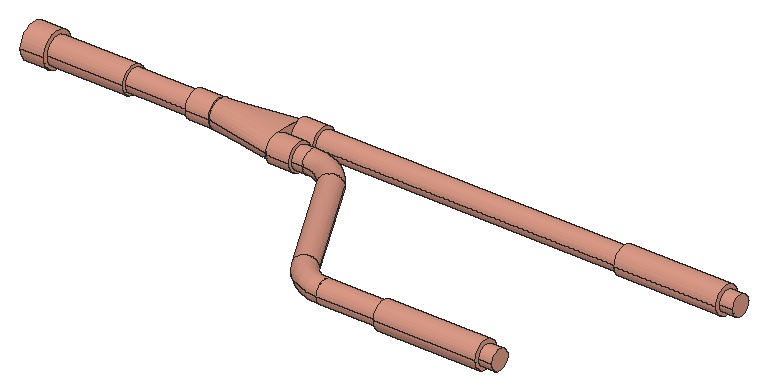
Revit family "outputfile", category 配管付属品, Revit 2024
Family settings
  丸型コネクタ寸法 = 半径を使用
  パーツ タイプ = 標準
  OmniClass 番号 = 23.65.55.00
  OmniClass タイトル = Distribution of Supplied Liquids/Gases
  作業面ベース = いいえ
  常に垂直 = はい
  ロード時にボイドで切り取り = いいえ
  共有 = いいえ
Parameters (values of type "KHRP25A33T")
  Description = ""
  製造元 = "Daikin"
  書き出し IFC クラス(タイプ) = "IfcPipeFittingType"
  定義済み IFC タイプ(タイプ) = "JUNCTION"
  Cost = 0
  Type Comments = ""
  Keynote = ""
  Type Image = (empty or 0)
  Assembly Code = ""
  mm⇔inch [instance] = yes
  l_InletPipe4 = 10.0 mm
  built-in parameter 1114242 [instance] = (empty or 0)
  Default Elevation = 0.0 mm
  モデル = "KHRP25A33T"
  table_StraightPipe [instance] = if(mm⇔inch, "Refnet Joint_KHRP25A-T_Liquid_StraightPipe", "Refnet Joint_KHRP25A-T_Liquid_StraightPipe_inch")  # "Refnet Joint_KHRP25A-T_Liquid_StraightPipe"
  table_BranchPipe [instance] = if(mm⇔inch, "Refnet Joint_KHRP25A-T_Liquid_BranchPipe", "Refnet Joint_KHRP25A-T_Liquid_BranchPipe_inch")  # "Refnet Joint_KHRP25A-T_Liquid_BranchPipe"
  table_Inlet [instance] = if(mm⇔inch, "Refnet Joint_KHRP25A-T_Liquid_Inlet", "Refnet Joint_KHRP25A-T_Liquid_Inlet_inch")  # "Refnet Joint_KHRP25A-T_Liquid_Inlet"
  switch_StraightPipe_Reducer [instance] = if(Is_StraightPipe Reducer = 1, 1 = 1, 1 = 0)  # no
  switch_StraightPipe3 [instance] = if(number_StraightPipe = 3, 1 = 1, 1 = 0)  # no
  switch_StraightPipe2 [instance] = if(number_StraightPipe < 2, 1 = 0, 1 = 1)  # yes
  switch_BranchPipe_Reducer [instance] = if(Is_BranchPipe Reducer = 1, 1 = 1, 1 = 0)  # no
  switch_BranchPipe3 [instance] = if(number_BranchPipe = 3, 1 = 1, 1 = 0)  # no
  switch_BranchPipe2 [instance] = if(number_BranchPipe < 2, 1 = 0, 1 = 1)  # yes
  switch_Inlet pipe_Reducer [instance] = if(Is_Inlet Reducer = 1, 1 = 1, 1 = 0)  # no
  switch_Inlet pipe3 [instance] = if(number_InletPipe = 3, 1 = 1, 1 = 0)  # no
  switch_Inlet pipe2 [instance] = if(number_InletPipe < 2, 1 = 0, 1 = 1)  # yes
  Uniclass2015Version = "Products v1.31"
  Uniclass2015Title = "Copper pipe fittings"
  Uniclass2015Code = "Pr_65_52_63_18"
  URL = ""
  StraightPipe_Liquid_ActualDiameter [instance] = 6.4 mm
  Material_Piping = DAIKIN_Copper_Pipe
  Material_Insulation = DAIKIN_White_Insulation
  lw_Insulation [instance] = size_lookup(table_Inlet, "lw_Insulation", 26.0 mm, モデル)  # 26.0 mm
  Unit Type = "KHRP25A-T_Liquid"
  Tag No. [instance] = ""
  StraightPipe_Liquid_Status [instance] = size_lookup(table_StraightPipe, "Information", "The connected pipe size is not available.", モデル, StraightPipe_Liquid_ActualDiameter)  # "Default connector size is used."
  Link_Nested Family [instance] = ""
  Inlet_Liquid_Actual Diameter [instance] = 12.7 mm
  IfcVersion = ""
  IfcExportType = "JUNCTION"
  IfcExportAs = "IfcPipeFittingType"
  BranchPipe_Liquid_Status [instance] = size_lookup(table_BranchPipe, "Information", "The connected pipe size is not available.", モデル, BranchPipe_Liquid_ActualDiameter)  # "Default connector size is used."
  Inlet_Liquid_Status [instance] = size_lookup(table_Inlet, "Information", "The connected pipe size is not available.", モデル, Inlet_Liquid_Actual Diameter)  # "Default connector size is used."
  Series = "Refnet Joint"
  O.R_dividePipe_Inlet [instance] = (I.D_InletPipe1 + 2.0 mm) / 2  # 5.75 mm
  r_StraightPipe_Connector [instance] = StraightPipe_Liquid_ActualDiameter / 2  # 3.2 mm
  r_BranchPipe_Connector [instance] = BranchPipe_Liquid_ActualDiameter / 2  # 3.2 mm
  r_Inlet_Connector [instance] = Inlet_Liquid_Actual Diameter / 2  # 6.35 mm
  number_StraightPipe [instance] = size_lookup(table_StraightPipe, "pipeNumber", 2, モデル, StraightPipe_Liquid_ActualDiameter)  # 2
  number_BranchPipe [instance] = size_lookup(table_BranchPipe, "pipeNumber", 2, モデル, BranchPipe_Liquid_ActualDiameter)  # 2
  number_InletPipe [instance] = size_lookup(table_Inlet, "pipeNumber", 1, モデル, Inlet_Liquid_Actual Diameter)  # 2
  r_BranchPipeR [instance] = size_lookup(table_BranchPipe, "r_offsetPipeR", 18.0 mm, モデル, BranchPipe_Liquid_ActualDiameter)  # 18.0 mm
  l_BranchPipe_Straight2 [instance] = size_lookup(table_BranchPipe, "L_offsetPipe2", 25.5 mm, モデル)  # 25.5 mm
  l_BranchPipe_Straight1 [instance] = size_lookup(table_BranchPipe, "L_offsetPipe1", 5.0 mm, モデル)  # 5.0 mm
  l_BranchPipe connector [instance] = size_lookup(table_BranchPipe, "Length", 150.0 mm, モデル, BranchPipe_Liquid_ActualDiameter)  # 150.0 mm
  l_inlet connector [instance] = size_lookup(table_Inlet, "Length", 70.0 mm, モデル, Inlet_Liquid_Actual Diameter)  # 80.0 mm
  l_dividePipe [instance] = size_lookup(table_Inlet, "L_devidePipe", 30.0 mm, モデル)  # 30.0 mm
  l_StraightPipeReducer [instance] = size_lookup(table_StraightPipe, "L_Reducer", 80.0 mm, モデル, StraightPipe_Liquid_ActualDiameter)  # 80.0 mm
  l_StraightPipe3 [instance] = size_lookup(table_StraightPipe, "L_Pipe3", 2.0 mm, モデル)  # 2.0 mm
  l_StraightPipe2 [instance] = size_lookup(table_StraightPipe, "L_Pipe2", 6.0 mm, モデル)  # 6.0 mm
  l_StraightPipe1 [instance] = size_lookup(table_StraightPipe, "L_Pipe1", 44.0 mm, モデル)  # 44.0 mm
  l_StraightPipe0 [instance] = size_lookup(table_StraightPipe, "L_Pipe0", 130.0 mm, モデル)  # 130.0 mm
  l_StraightPipe connector [instance] = size_lookup(table_StraightPipe, "Length", 190.0 mm, モデル, StraightPipe_Liquid_ActualDiameter)  # 190.0 mm
  l_BranchPipe Reducer [instance] = size_lookup(table_BranchPipe, "L_Reducer", 50.0 mm, モデル, BranchPipe_Liquid_ActualDiameter)  # 50.0 mm
  l_BranchPipe3 [instance] = size_lookup(table_BranchPipe, "L_Pipe3", 2.0 mm, モデル)  # 2.0 mm
  l_BranchPipe2 [instance] = size_lookup(table_BranchPipe, "L_Pipe2", 6.0 mm, モデル)  # 6.0 mm
  l_BranchPipe1 [instance] = size_lookup(table_BranchPipe, "L_Pipe1", 44.0 mm, モデル)  # 44.0 mm
  l_BranchPipe0 [instance] = size_lookup(table_BranchPipe, "L_Pipe0", 90.0 mm, モデル)  # 90.0 mm
  l_InletReducer [instance] = size_lookup(table_Inlet, "L_Reducer", 80.0 mm, モデル, Inlet_Liquid_Actual Diameter)  # 80.0 mm
  l_InletPipe3 [instance] = size_lookup(table_Inlet, "L_Pipe3", 2.0 mm, モデル)  # 2.0 mm
  l_InletPipe2 [instance] = size_lookup(table_Inlet, "L_Pipe2", 2.0 mm, モデル)  # 10.0 mm
  l_InletPipe1 [instance] = size_lookup(table_Inlet, "L_Pipe1", 7.0 mm, モデル)  # 33.0 mm
  l_InletPipe0 [instance] = size_lookup(table_Inlet, "L_Pipe0", 53.0 mm, モデル)  # 27.0 mm
  center_StraightPipe [instance] = size_lookup(table_StraightPipe, "center_Pipe", 6.5 mm, モデル)  # 6.5 mm
  center_BranchPipe2 [instance] = size_lookup(table_BranchPipe, "center_OffsetPipe", 73.5 mm, モデル)  # 73.5 mm
  center_BranchPipe1 [instance] = size_lookup(table_BranchPipe, "center_Pipe", 6.5 mm, モデル)  # 6.5 mm
  StraightPipe_Liquid_AvailableDiameter [instance] = size_lookup(table_StraightPipe, "sizeVariation", "", モデル)  # "6.4/9.5mm"
  BranchPipe_Liquid_AvailableDiameter [instance] = size_lookup(table_BranchPipe, "sizeVariation", "", モデル)  # "6.4/9.5mm"
  Inlet_Liquid_Available Diameter [instance] = size_lookup(table_Inlet, "sizeVariation", "", モデル)  # "9.5/12.7mm"
  O.D_StraightPipe Reducer [instance] = size_lookup(table_StraightPipe, "O.D_reducer", 2.0 mm, モデル, StraightPipe_Liquid_ActualDiameter)  # 2.0 mm
  O.D_Offset Outlet Reducer [instance] = size_lookup(table_BranchPipe, "O.D_reducer", 2.0 mm, モデル, BranchPipe_Liquid_ActualDiameter)  # 2.0 mm
  O.D_Inlet Reducer [instance] = size_lookup(table_Inlet, "O.D_reducer", 2.0 mm, モデル, Inlet_Liquid_Actual Diameter)  # 2.0 mm
  Is_StraightPipe Reducer [instance] = size_lookup(table_StraightPipe, "IsReducer", 0, モデル, StraightPipe_Liquid_ActualDiameter)  # 0
  Is_BranchPipe Reducer [instance] = size_lookup(table_BranchPipe, "IsReducer", 0, モデル, BranchPipe_Liquid_ActualDiameter)  # 0
  Is_Inlet Reducer [instance] = size_lookup(table_Inlet, "IsReducer", 0, モデル, Inlet_Liquid_Actual Diameter)  # 0
  BranchPipe_Liquid_ActualDiameter [instance] = 6.4 mm
  Attach_Insulation [instance] = no
  I.D_StraightPipe3 [instance] = size_lookup(table_StraightPipe, "I.D_PipeSize3", 2.0 mm, モデル)  # 2.0 mm
  I.D_StraightPipe2 [instance] = size_lookup(table_StraightPipe, "I.D_PipeSize2", 6.4 mm, モデル)  # 6.4 mm
  I.D_StraightPipe1 [instance] = size_lookup(table_StraightPipe, "I.D_PipeSize1", 9.5 mm, モデル)  # 9.5 mm
  I.D_StraightPipe0 [instance] = size_lookup(table_StraightPipe, "I.D_PipeSize0", 7.5 mm, モデル)  # 7.5 mm
  I.D_BranchPipe3 [instance] = size_lookup(table_BranchPipe, "I.D_PipeSize3", 2.0 mm, モデル)  # 2.0 mm
  I.D_BranchPipe2 [instance] = size_lookup(table_BranchPipe, "I.D_PipeSize2", 6.4 mm, モデル)  # 6.4 mm
  I.D_BranchPipe1 [instance] = size_lookup(table_BranchPipe, "I.D_PipeSize1", 9.5 mm, モデル)  # 9.5 mm
  I.D_BranchPipe0 [instance] = size_lookup(table_BranchPipe, "I.D_PipeSize0", 7.5 mm, モデル)  # 7.5 mm
  I.D_Straight Reducer [instance] = size_lookup(table_StraightPipe, "I.D_reducer", 2.0 mm, モデル, StraightPipe_Liquid_ActualDiameter)  # 2.0 mm
  I.D_OutletPipe [instance] = size_lookup(table_Inlet, "I.D_OutletPipeSize", 9.6 mm, モデル, Inlet_Liquid_Actual Diameter)  # 9.6 mm
  I.D_Branch Reducer [instance] = size_lookup(table_BranchPipe, "I.D_reducer", 2.0 mm, モデル, BranchPipe_Liquid_ActualDiameter)  # 2.0 mm
  I.D_Inlet Reducer [instance] = size_lookup(table_Inlet, "I.D_reducer", 2.0 mm, モデル, Inlet_Liquid_Actual Diameter)  # 2.0 mm
  I.D_InletPipe3 [instance] = size_lookup(table_Inlet, "I.D_PipeSize3", 2.0 mm, モデル)  # 2.0 mm
  I.D_InletPipe2 [instance] = size_lookup(table_Inlet, "I.D_PipeSize2", 2.0 mm, モデル)  # 12.7 mm
  I.D_InletPipe1 [instance] = size_lookup(table_Inlet, "I.D_PipeSize1", 9.5 mm, モデル)  # 9.5 mm
  I.D_InletPipe0 [instance] = size_lookup(table_Inlet, "I.D_PipeSize0", 7.5 mm, モデル)  # 7.5 mm
Reference planes
  plane 1 "Center (Front/Back)": y = 0
  plane 2: z = 0
  plane 3 "base_left": x = 0
  plane 4: x = 2
  plane 5: x = 12
  plane 6: x = 45
  plane 7: x = 72
  plane 8: x = 82
  plane 9: x = 112
  plane 10: x = 122
  plane 11 "center_straight outlet": y = 6.5
  plane 12 "center2_offset outlet": y = -73.5
  plane 13 "center1_offset outlet": y = -6.5
  plane 14: x = 252
  plane 15: x = 296
  plane 16: x = 302
  plane 17: x = 212
  plane 18: x = 256
  plane 19: x = 262
  plane 20: x = 304
  plane 21: x = 264
  plane 22 "Reducer_straightoutlet": x = 262
  plane 23: x = 302
  plane 24: y = -12.25
  plane 25: z = 5.75
  plane 26 "Inlet_connector": x = 2
  plane 27 "Left_Insulation": x = 56
Forms (mm)
  SweptBlend 1, solid, material "DAIKIN_Copper_Pipe" <- "Material_Piping"
    path origin (0, 0, 0) x (1, 0, 0) y (0, 1, 0)
      loop
        line (82, 0) -> (112, 0)
    profile origin (82, 0, 0) x (0, 1, 0) y (0, 0, 1)
      loop
        circle (0, 0) r 5.75
    end profile origin (112, 0, 0) x (0, 1, 0) y (0, 0, 1)
      loop
        spline (-12.25, 0) -> (-11.833, -1.488) -> (-10.609, -2.875) -> (-8.662, -4.066) -> (-6.125, -4.98) -> (-3.171, -5.554) -> (0, -5.75) -> (3.171, -5.554) -> (6.125, -4.98) -> (8.662, -4.066) -> (10.609, -2.875) -> (11.833, -1.488) -> (12.25, 0)
        spline (12.25, 0) -> (11.833, 1.488) -> (10.609, 2.875) -> (8.662, 4.066) -> (6.125, 4.98) -> (3.171, 5.554) -> (0, 5.75) -> (-3.171, 5.554) -> (-6.125, 4.98) -> (-8.662, 4.066) -> (-10.609, 2.875) -> (-11.833, 1.488) -> (-12.25, 0)
Dimensions and locks
  "l_InletPipe3": plane 3 "base_left" to plane 4
  "l_InletPipe2": plane 4 to plane 5
  "l_InletPipe1": plane 5 to plane 6
  "l_InletPipe0": plane 6 to plane 7
  "l_InletPipe4": plane 7 to plane 8
  "center_StraightPipe": plane 1 "Center (Front/Back)" to plane 11 "center_straight outlet"
  "center_BranchPipe2": plane 12 "center2_offset outlet" to plane 1 "Center (Front/Back)"
  "center_BranchPipe1": plane 13 "center1_offset outlet" to plane 1 "Center (Front/Back)"
  "l_dividePipe": plane 8 to plane 9
  plane 9 to plane 10 = 10.0 mm
  "l_StraightPipe0": plane 10 to plane 14
  "l_BranchPipe0": plane 10 to plane 17
  "l_BranchPipe1": plane 17 to plane 18
  "l_BranchPipe2": plane 18 to plane 19
  "l_StraightPipe1": plane 14 to plane 15
  "l_StraightPipe2": plane 15 to plane 16
  "l_StraightPipe3": plane 16 to plane 20
  "l_BranchPipe3": plane 19 to plane 21
  "l_BranchPipe connector": plane 9 to plane 22 "Reducer_straightoutlet"
  "l_StraightPipe connector": plane 9 to plane 23
  "O.R_dividePipe_Inlet": plane 24 to plane 13 "center1_offset outlet"
  "O.R_dividePipe_Inlet": plane 25 to plane 2
  "l_inlet connector": plane 26 "Inlet_connector" to plane 8
  "lw_Insulation": plane 27 "Left_Insulation" to plane 8
  "O.R_dividePipe_Inlet": radius of SweptBlend 1 sketch curve
  aligned and locked: level to plane 2
  aligned and locked: plane 2 to nested 1
  aligned and locked: plane 3 "base_left" to nested 1
  aligned and locked: plane 1 "Center (Front/Back)" to nested 1
  aligned and locked: plane 4 to nested 2
  aligned and locked: plane 1 "Center (Front/Back)" to nested 2
  aligned and locked: plane 5 to nested 2
  aligned and locked: plane 5 to nested 3
  aligned and locked: plane 6 to nested 3
  aligned and locked: plane 6 to nested 4
  aligned and locked: nested 4 to plane 7
  aligned and locked: nested 5 to plane 7
  aligned and locked: nested 5 to plane 8
  aligned and locked: plane 8 to SweptBlend 1 sketch curve
  aligned and locked: plane 9 to SweptBlend 1 sketch curve
  aligned and locked: plane 2 to SweptBlend 1 sketch curve  (x2)
  aligned and locked: plane 1 "Center (Front/Back)" to SweptBlend 1 sketch curve  (x2)
  aligned and locked: nested 6 to plane 9
  aligned and locked: nested 7 to plane 9
  aligned and locked: nested 6 to plane 11 "center_straight outlet"
  aligned and locked: nested 7 to plane 13 "center1_offset outlet"
  aligned and locked: nested 7 to plane 10
  aligned and locked: nested 6 to plane 10
  aligned and locked: nested 8 to plane 10
  aligned and locked: plane 14 to nested 8
  aligned and locked: nested 8 to plane 11 "center_straight outlet"
  aligned and locked: plane 14 to nested 9
  aligned and locked: nested 9 to plane 11 "center_straight outlet"
  aligned and locked: plane 15 to nested 9
  aligned and locked: nested 10 to plane 11 "center_straight outlet"
  aligned and locked: plane 15 to nested 10
  aligned and locked: plane 16 to nested 10
  aligned and locked: nested 11 to plane 12 "center2_offset outlet"
  aligned and locked: plane 17 to nested 11
  aligned and locked: plane 18 to nested 11
  aligned and locked: nested 12 to plane 12 "center2_offset outlet"
  aligned and locked: plane 18 to nested 12
  aligned and locked: plane 19 to nested 12
  aligned and locked: nested 13 to plane 10
  aligned and locked: nested 13 to plane 13 "center1_offset outlet"
  aligned and locked: nested 13 to plane 12 "center2_offset outlet"
  aligned and locked: plane 8 to nested 14
  aligned and locked: plane 1 "Center (Front/Back)" to nested 14
  aligned and locked: plane 11 "center_straight outlet" to nested 15
  aligned and locked: nested 15 to plane 9
  aligned and locked: nested 16 to plane 9
  aligned and locked: plane 12 "center2_offset outlet" to nested 16
  aligned and locked: nested 17 to plane 1 "Center (Front/Back)"
  aligned and locked: plane 16 to nested 18
  aligned and locked: plane 20 to nested 18
  aligned and locked: plane 19 to nested 19
  aligned and locked: plane 21 to nested 19
  aligned and locked: nested 20 to plane 12 "center2_offset outlet"
  aligned and locked: plane 23 to nested 21
  aligned and locked: nested 21 to plane 11 "center_straight outlet"
  aligned and locked: plane 4 to nested 1
  aligned and locked: plane 24 to SweptBlend 1 sketch curve
  aligned and locked: plane 25 to SweptBlend 1 sketch curve
  aligned and locked: nested 19 to plane 12 "center2_offset outlet"
  aligned and locked: nested 18 to plane 11 "center_straight outlet"
  aligned and locked: nested 17 to plane 26 "Inlet_connector"
  aligned and locked: plane 22 "Reducer_straightoutlet" to nested 20
  aligned and locked: plane 27 "Left_Insulation" to nested 22
  aligned and locked: plane 1 "Center (Front/Back)" to nested 22
Automatic sketch dimensions
  plane 1 "Center (Front/Back)" to SweptBlend 1 sketch curve = 0.0 mm
Nested families
  nested 1: "daikin_Pipe" at (1, 0, 0), I.D_Pipe <- "I.D_InletPipe3", display <- "switch_Inlet pipe3", type "*"
    with length_Pipe 2.0 mm, display no, O.D_Pipe 4.0 mm, I.D_Pipe 2.0 mm
  nested 2: "daikin_Pipe" at (7, 0, 0), I.D_Pipe <- "I.D_InletPipe2", display <- "switch_Inlet pipe2", type "*"
    with length_Pipe 10.0 mm, display yes, O.D_Pipe 14.7 mm, I.D_Pipe 12.7 mm
  nested 3: "daikin_Pipe" at (28.5, 0, 0), I.D_Pipe <- "I.D_InletPipe1", type "*"
    with length_Pipe 33.0 mm, display yes, O.D_Pipe 11.5 mm, I.D_Pipe 9.5 mm
  nested 4: "daikin_Pipe" at (58.5, 0, 0), I.D_Pipe <- "I.D_InletPipe0", type "*"
    with length_Pipe 27.0 mm, display yes, O.D_Pipe 9.5 mm, I.D_Pipe 7.5 mm
  nested 5: "daikin_Pipe" at (77, 0, 0), I.D_Pipe <- "I.D_InletPipe1", type "*"
    with length_Pipe 10.0 mm, display yes, O.D_Pipe 11.5 mm, I.D_Pipe 9.5 mm
  nested 6: "daikin_Pipe" at (117, 6.5, 0), I.D_Pipe <- "I.D_OutletPipe", type "*"
    with length_Pipe 10.0 mm, display yes, O.D_Pipe 11.6 mm, I.D_Pipe 9.6 mm
  nested 7: "daikin_Pipe" at (117, -6.5, 0), I.D_Pipe <- "I.D_OutletPipe", type "*"
    with length_Pipe 10.0 mm, display yes, O.D_Pipe 11.6 mm, I.D_Pipe 9.6 mm
  nested 8: "daikin_Pipe" at (187, 6.5, 0), I.D_Pipe <- "I.D_StraightPipe0", type "*"
    with length_Pipe 130.0 mm, display yes, O.D_Pipe 9.5 mm, I.D_Pipe 7.5 mm
  nested 9: "daikin_Pipe" at (274, 6.5, 0), I.D_Pipe <- "I.D_StraightPipe1", type "*"
    with length_Pipe 44.0 mm, display yes, O.D_Pipe 11.5 mm, I.D_Pipe 9.5 mm
  nested 10: "daikin_Pipe" at (299, 6.5, 0), I.D_Pipe <- "I.D_StraightPipe2", display <- "switch_StraightPipe2", type "*"
    with length_Pipe 6.0 mm, display yes, O.D_Pipe 8.4 mm, I.D_Pipe 6.4 mm
  nested 11: "daikin_Pipe" at (234, -73.5, 0), I.D_Pipe <- "I.D_BranchPipe1", type "*"
    with length_Pipe 44.0 mm, display yes, O.D_Pipe 11.5 mm, I.D_Pipe 9.5 mm
  nested 12: "daikin_Pipe" at (259, -73.5, 0), I.D_Pipe <- "I.D_BranchPipe2", display <- "switch_BranchPipe2", type "*"
    with length_Pipe 6.0 mm, display yes, O.D_Pipe 8.4 mm, I.D_Pipe 6.4 mm
  nested 13: "daikin_Pipe Ofsset" at (122, -6.5, 0), I.D_Pipe size <- "I.D_BranchPipe0", length_straight pipe1 <- "l_BranchPipe_Straight1", length_straight pipe2 <- "l_BranchPipe_Straight2", r_Pipe R <- "r_BranchPipeR", length_Pipe <- "l_BranchPipe0", type "*"
    with r_Pipe R 18.0 mm, length_straight pipe2 25.5 mm, length_straight pipe1 5.0 mm, length_offset center 67.0 mm, length_Pipe 90.0 mm, O.D_Pipe size 9.5 mm, I.D_Pipe size 7.5 mm
  nested 14: "daikin_connector_rotate2" at (82, 0, 0) x (0, -1, 0) z (0, 0, 1), length <- "l_inlet connector", type "daikin_connector_rotate2"
    with radius 5.0 mm, length 80.0 mm, angle_vertical 90.00°, locaton_mark no
  nested 15: "daikin_connector_rotate2" at (112, 6.5, 0) x (0, 1, 0) z (0, 0, 1), length <- "l_StraightPipe connector", type "daikin_connector_rotate2"
    with radius 5.0 mm, length 190.0 mm, angle_vertical 90.00°, locaton_mark no
  nested 16: "daikin_connector_rotate2" at (112, -73.5, 0) x (0, 1, 0) z (0, 0, 1), length <- "l_BranchPipe connector", type "daikin_connector_rotate2"
    with radius 5.0 mm, length 150.0 mm, angle_vertical 90.00°, locaton_mark no
  nested 17: "daikin_Pipe_reducer" at (42, 0, 0) x (-1, 0, 0) z (0, 0, 1), display <- "switch_Inlet pipe_Reducer", length_Pipe <- "l_InletReducer", I.D_Pipe1 <- "I.D_Inlet Reducer", O.D_Pipe2 <- "O.D_Inlet Reducer", type "*"
    with length_Pipe 80.0 mm, display no, O.D_Pipe2 2.0 mm, O.D_Pipe1 4.0 mm, I.D_Pipe2 0.0 mm, I.D_Pipe1 2.0 mm
  nested 18: "daikin_Pipe" at (303, 6.5, 0), I.D_Pipe <- "I.D_StraightPipe3", display <- "switch_StraightPipe3", type "*"
    with length_Pipe 2.0 mm, display no, O.D_Pipe 4.0 mm, I.D_Pipe 2.0 mm
  nested 19: "daikin_Pipe" at (263, -73.5, 0), I.D_Pipe <- "I.D_BranchPipe3", display <- "switch_BranchPipe3", type "*"
    with length_Pipe 2.0 mm, display no, O.D_Pipe 4.0 mm, I.D_Pipe 2.0 mm
  nested 20: "daikin_Pipe_reducer" at (237, -73.5, 0), I.D_Pipe1 <- "I.D_Branch Reducer", O.D_Pipe2 <- "O.D_Offset Outlet Reducer", length_Pipe <- "l_BranchPipe Reducer", display <- "switch_BranchPipe_Reducer", type "*"
    with length_Pipe 50.0 mm, display no, O.D_Pipe2 2.0 mm, O.D_Pipe1 4.0 mm, I.D_Pipe2 0.0 mm, I.D_Pipe1 2.0 mm
  nested 21: "daikin_Pipe_reducer" at (262, 6.5, 0), I.D_Pipe1 <- "I.D_Straight Reducer", O.D_Pipe2 <- "O.D_StraightPipe Reducer", length_Pipe <- "l_StraightPipeReducer", display <- "switch_StraightPipe_Reducer", type "*"
    with length_Pipe 80.0 mm, display no, O.D_Pipe2 2.0 mm, O.D_Pipe1 4.0 mm, I.D_Pipe2 0.0 mm, I.D_Pipe1 2.0 mm
  nested 22: "daikin_Insulation_RefnetJoint" at (56, 0, 0), I.D_Outlet PipeSize <- "I.D_OutletPipe", type "*"
    with h 41.6 mm, I.D_Outlet PipeSize 9.6 mm, w_Insulation3 26.5 mm, w_Insulation2 33.3 mm, display no
Connectors
  piping at (2, 0, 0), diameter 12.7, driven by "r_Inlet_Connector"
    settings: on nested 14, index 1, connector inside diameter 609.6 mm, connector length 0.0 mm, flow factor 0, pipe flow 0.00 m³/h, pressure drop 0.0 Pa, fitting loss kfactor 0, connector angle 0.00°, fixture units 0, engagement length 0.0 mm, angle of deflection 0.00°, flow configuration 0, flow direction 1, fitting loss method 0, system type 29, joint type 0, gender type 0, connector reference index -1, connector utility 0, adjustable connector no, is connector primary yes, connector description "Refnet Joint_Inlet_Liquid"
  piping at (262, -73.5, 0), diameter 6.4, driven by "r_BranchPipe_Connector"
    settings: on nested 16, index 2, connector inside diameter 609.6 mm, connector length 0.0 mm, flow factor 0, pipe flow 0.00 m³/h, pressure drop 0.0 Pa, fitting loss kfactor 0, connector angle 0.00°, fixture units 0, engagement length 0.0 mm, angle of deflection 0.00°, flow configuration 0, flow direction 2, fitting loss method 0, system type 29, joint type 0, gender type 0, connector reference index -1, connector utility 0, adjustable connector no, is connector primary no, connector description "Refnet Joint_Outlet Branch_Liquid"
  piping at (302, 6.5, 0), diameter 6.4, driven by "r_StraightPipe_Connector"
    settings: on nested 15, index 3, connector inside diameter 609.6 mm, connector length 0.0 mm, flow factor 0, pipe flow 0.00 m³/h, pressure drop 0.0 Pa, fitting loss kfactor 0, connector angle 0.00°, fixture units 0, engagement length 0.0 mm, angle of deflection 0.00°, flow configuration 0, flow direction 2, fitting loss method 0, system type 29, joint type 0, gender type 0, connector reference index -1, connector utility 0, adjustable connector no, is connector primary no, connector description "Refnet Joint_Outlet Straight_Liquid"
Definition of nested family "daikin_Pipe"
  Parameters (values of type "*")
    Default Elevation = 0.0 mm
    material = none
    length_Pipe [instance] = 150.0 mm
    display [instance] = yes
    O.D_Pipe [instance] = I.D_Pipe + 2.0 mm  # 27.0 mm
    I.D_Pipe [instance] = 25.0 mm
  Reference planes
    plane 1 "Center (Front/Back)": y = 0
    plane 2 "center(vertical)": z = 0
    plane 3 "Center (Left/Right)": x = 0
    plane 4 "left": x = -75
    plane 5 "right": x = 75
  Forms (mm)
    Extrusion 1, solid, material <- "material", visible <- "display"
      sketch origin (0, 0, 0) x (0, 1, 0) y (0, 0, 1)
        loop
          circle (0, 0) r 13.5
      from -75 to 75
  Dimensions and locks
    equal spacing: plane 4 "left", plane 3 "Center (Left/Right)", plane 5 "right"
    "length_Pipe": plane 4 "left" to plane 5 "right"
    "O.D_Pipe": diameter of Extrusion 1 sketch curve
    aligned and locked: level to plane 2 "center(vertical)"
    aligned and locked: plane 2 "center(vertical)" to Extrusion 1 sketch curve
    aligned and locked: plane 1 "Center (Front/Back)" to Extrusion 1 sketch curve
    aligned and locked: plane 5 "right" to Extrusion 1
    aligned and locked: Extrusion 1 to plane 4 "left"
Definition of nested family "daikin_Pipe Ofsset"
  Parameters (values of type "*")
    Default Elevation = 0.0 mm
    r_Pipe R [instance] = 18.0 mm
    material = none
    length_straight pipe2 [instance] = 25.5 mm
    length_straight pipe1 [instance] = 5.0 mm
    length_offset center [instance] = 67.5 mm
    length_Pipe [instance] = 90.0 mm
    O.D_Pipe size [instance] = I.D_Pipe size + 2.0 mm  # 12.0 mm
    I.D_Pipe size [instance] = 10.0 mm
  Reference planes
    plane 1 "Center (Front/Back)": y = 0
    plane 2: z = 0
    plane 3 "Center (Left/Right)": x = 0
    plane 4: y = -67.5
    plane 5: x = 90
    plane 6: x = 64.5
    plane 7: x = 5
  Forms (mm)
    Sweep 1, solid, material <- "material"
      path origin (0, 0, 0) x (1, 0, 0) y (0, 1, 0)
        loop
          line (0, 0) -> (5, 0)
          arc (5, 0) -> (14.03, -2.429) -> (20.623, -9.061) r 18
          line (20.623, -9.061) -> (48.877, -58.439)
          arc (48.877, -58.439) -> (55.47, -65.071) -> (64.5, -67.5) r 18
          line (64.5, -67.5) -> (90, -67.5)
      profile origin (2.5, 0, 0) x (0, 1, 0) y (0, 0, 1)
        loop
          circle (0, 0) r 6
  Dimensions and locks
    "length_offset center": plane 4 to plane 1 "Center (Front/Back)"
    "length_straight pipe1": plane 3 "Center (Left/Right)" to plane 7
    "length_Pipe": plane 3 "Center (Left/Right)" to plane 5
    "length_straight pipe2": plane 6 to plane 5
    "O.D_Pipe size": diameter of Sweep 1 sketch curve
    "r_Pipe R": radius of Sweep 1 sketch curve  (x2)
    aligned and locked: level to plane 2
    aligned and locked: plane 1 "Center (Front/Back)" to Sweep 1 sketch curve
    aligned and locked: profile plane to Sweep 1 sketch curve
    aligned and locked: plane 5 to Sweep 1 sketch curve
    aligned and locked: plane 7 to Sweep 1 sketch curve
    aligned and locked: plane 6 to Sweep 1 sketch curve
  Automatic sketch dimensions
    plane 1 "Center (Front/Back)" to Sweep 1 sketch curve = 0.0 mm
    Sweep 1 sketch curve to plane 3 "Center (Left/Right)" = 0.0 mm
    plane 4 to Sweep 1 sketch curve = 0.0 mm
Definition of nested family "daikin_connector_rotate2"
  Parameters (values of type "daikin_connector_rotate2")
    show_face = no
    radius [instance] = 10.0 mm
    locaton_mark = yes
    length [instance] = 600.0 mm
    d_surface = 10.0 mm
    angle_vertical [instance] = 90.00°
    Default Elevation = 0.0 mm
  Reference planes
    plane 1 "Center (Front/Back)": y = 0
    plane 2: z = 0
    plane 3 "Center (Left/Right)": x = 0
  Forms (mm)
    Extrusion 1, solid, visible <- "show_face"
      sketch origin (0, -600, 0) x (1, 0, 0) y (0, 0, 1)
        loop
          circle (0, 0) r 10
      from 0 to -10
  Lines and regions (mm)
    reference lines
      curve 1: line (0, 0, 0) -> (0, -600, 0)
    symbolic lines, visible <- "locaton_mark"
      curve 2: circle (0, 0, 0) r 5 normal (0, 0, 1)
    model lines, visible <- "show_face"
      curve 3: line (0, 0, 0) -> (0, -600, 0)
  Dimensions and locks
    "length": curve 1 to curve 1
    "length": curve 3 to curve 3
    "d_surface": Extrusion 1 to Extrusion 1
    "radius": radius of Extrusion 1 sketch curve
    "angle_vertical": angle curve 1 to plane 1 "Center (Front/Back)"
    "angle_vertical": angle curve 3 to plane 1 "Center (Front/Back)"
    aligned and locked: level to plane 2
    aligned and locked: plane 1 "Center (Front/Back)" to curve 1
    aligned and locked: plane 2 to curve 1
    aligned and locked: plane 1 "Center (Front/Back)" to curve 2
    aligned and locked: plane 3 "Center (Left/Right)" to curve 2
    aligned and locked: plane 1 "Center (Front/Back)" to curve 3
    aligned and locked: plane 2 to curve 3
    aligned and locked: Extrusion 1 to Extrusion 1
  Automatic sketch dimensions
    Extrusion 1 sketch curve to level = 0.0 mm
    Extrusion 1 sketch curve to plane 3 "Center (Left/Right)" = 0.0 mm
    radius of curve 2 = 5.0 mm
Definition of nested family "daikin_Pipe_reducer"
  Parameters (values of type "*")
    Default Elevation = 0.0 mm
    material = none
    length_Pipe [instance] = 250.0 mm
    display [instance] = yes
    O.D_Pipe2 [instance] = 19.1 mm
    O.D_Pipe1 [instance] = I.D_Pipe1 + 2.0 mm  # 24.2 mm
    I.D_Pipe2 [instance] = O.D_Pipe2 - 2.0 mm  # 17.1 mm
    I.D_Pipe1 [instance] = 22.2 mm
  Reference planes
    plane 1 "Center (Front/Back)": y = 0
    plane 2 "center(vertical)": z = 0
    plane 3 "Center (Left/Right)": x = 0
    plane 4 "connection": x = -125
    plane 5 "right": x = 113
    plane 6: x = 125
  Forms (mm)
    Extrusion 1, solid, material <- "material", visible <- "display"
      sketch origin (0, 0, 0) x (0, 1, 0) y (0, 0, 1)
        loop
          circle (0, 0) r 9.55
      from -125 to 113
    Extrusion 2, solid, material <- "material", visible <- "display"
      sketch origin (0, 0, 0) x (0, 1, 0) y (0, 0, 1)
        loop
          circle (0, 0) r 12.1
      from 113 to 125
  Dimensions and locks
    locked: plane 5 "right" to plane 6 at 12
    "length_Pipe": plane 4 "connection" to plane 6
    equal spacing: plane 4 "connection", plane 3 "Center (Left/Right)", plane 6
    "O.D_Pipe2": diameter of Extrusion 1 sketch curve
    "O.D_Pipe1": diameter of Extrusion 2 sketch curve
    aligned and locked: level to plane 2 "center(vertical)"
    aligned and locked: plane 2 "center(vertical)" to Extrusion 1 sketch curve
    aligned and locked: plane 1 "Center (Front/Back)" to Extrusion 1 sketch curve
    aligned and locked: plane 5 "right" to Extrusion 1
    aligned and locked: Extrusion 1 to plane 4 "connection"
    aligned and locked: plane 2 "center(vertical)" to Extrusion 2 sketch curve
    aligned and locked: plane 1 "Center (Front/Back)" to Extrusion 2 sketch curve
    aligned and locked: Extrusion 2 to plane 5 "right"
    aligned and locked: plane 6 to Extrusion 2
Definition of nested family "daikin_Insulation_RefnetJoint"
  Parameters (values of type "*")
    d_Insulation3_3 = size_lookup(table_Insulation, "d_Insulation3_3", 131.5 mm, Model)  # 64.0 mm
    d_Insulation2_2 = size_lookup(table_Insulation, "d_Insulation2_2", 79.0 mm, Model)  # 30.0 mm
    d_Insulation1_1 = size_lookup(table_Insulation, "d_Insulation1_1", 56.0 mm, Model)  # 22.0 mm
    Default Elevation = 0.0 mm
    Model = "KHRP25A22T"
    w_Insulation5 = size_lookup(table_Insulation, "w_Insulation5", 212.0 mm, Model)  # 153.0 mm
    w_Insulation4 = size_lookup(table_Insulation, "w_Insulation4", 67.0 mm, Model)  # 48.6 mm
    w_Insulation3 = size_lookup(table_Insulation, "w_Insulation3", 34.7 mm, Model)  # 22.3 mm
    w_Insulation2 = size_lookup(table_Insulation, "w_Insulation2", 80.0 mm, Model)  # 37.5 mm
    w_Insulation1 = size_lookup(table_Insulation, "w_Insulation1", 22.0 mm, Model)  # 1.0 mm
    table_Insulation = "Refnet Joint_KHRP25A-T_Liquid_Insulation"  # constant formula
    material = none
    h [instance] = (I.D_Outlet PipeSize + 2.0 mm) + 30.0 mm  # 47.0 mm
    display = yes
    d_Insulation3 = size_lookup(table_Insulation, "d_Insulation3", 131.5 mm, Model)  # 63.0 mm
    d_Insulation2 = size_lookup(table_Insulation, "d_Insulation2", 79.0 mm, Model)  # 32.0 mm
    d_Insulation1 = size_lookup(table_Insulation, "d_Insulation1", 56.0 mm, Model)  # 24.0 mm
    I.D_Outlet PipeSize [instance] = 15.0 mm
  Reference planes
    plane 1 "Center (Front/Back)": y = 0
    plane 2: z = 0
    plane 3 "Left": x = 0
    plane 4 "top": z = 23.5
    plane 5 "bottom": z = -23.5
    plane 6: x = 1
    plane 7: x = 37.5
    plane 8: y = 22
    plane 9: y = -24
    plane 10: y = 30
    plane 11: y = -32
    plane 12: y = -97
    plane 13: x = 153
    plane 14: y = -34
    plane 15: x = 59.8
    plane 16: x = 104.4
  Forms (mm)
    Extrusion 1, solid, material <- "material", visible <- "display"
      sketch origin (-21, 0, 0) x (1, 0, 0) y (0, 1, 0)
        loop
          line (22, 22) -> (21, 22) -> (21, -24) -> (22, -24) -> (58.5, -32) -> (80.8, -32) -> (125.4, -97) -> (174, -97) -> (174, -51) -> (164.5, -51)
          arc (164.5, -51) -> (147.5, -34) -> (164.5, -17) r 17
          line (164.5, -17) -> (174, -17) -> (174, 30) -> (58.5, 30) -> (22, 22)
      from -23.5 to 23.5
  Dimensions and locks
    equal spacing: plane 4 "top", plane 2, plane 5 "bottom"
    "h": plane 4 "top" to plane 5 "bottom"
    "w_Insulation1": plane 3 "Left" to plane 6
    "w_Insulation2": plane 3 "Left" to plane 7
    "w_Insulation5": plane 3 "Left" to plane 13
    "w_Insulation3": plane 7 to plane 15
    "w_Insulation4": plane 16 to plane 13
    "d_Insulation1": plane 1 "Center (Front/Back)" to plane 9
    "d_Insulation1_1": plane 8 to plane 1 "Center (Front/Back)"
    "d_Insulation2": plane 1 "Center (Front/Back)" to plane 11
    "d_Insulation2_2": plane 10 to plane 1 "Center (Front/Back)"
    "d_Insulation3_3": plane 10 to plane 14
    "d_Insulation3": plane 14 to plane 12
    Extrusion 1 sketch curve to plane 14 to Extrusion 1 sketch curve = 17.0 mm locked, 17.0 mm locked
    aligned and locked: level to plane 2
    aligned and locked: Extrusion 1 to plane 5 "bottom"
    aligned and locked: plane 4 "top" to Extrusion 1
    aligned and locked: plane 6 to Extrusion 1  (x2)
    aligned and locked: plane 7 to Extrusion 1  (x2)
    aligned and locked: plane 6 to Extrusion 1 sketch curve
    aligned and locked: Extrusion 1 sketch curve to plane 11
    aligned and locked: plane 7 to Extrusion 1 sketch curve  (x2)
    aligned and locked: Extrusion 1 sketch curve to plane 10
    aligned and locked: Extrusion 1 sketch curve to plane 12
    aligned and locked: Extrusion 1 sketch curve to plane 13  (x2)
    aligned and locked: plane 16 to Extrusion 1 sketch curve
    aligned and locked: plane 15 to Extrusion 1 sketch curve
  Automatic sketch dimensions
    Extrusion 1 sketch curve to plane 3 "Left" = 0.0 mm
    Extrusion 1 sketch curve to plane 6 = 0.0 mm
    Extrusion 1 sketch curve to plane 9 = 0.0 mm
    Extrusion 1 sketch curve to plane 8 = 0.0 mm
    Extrusion 1 sketch curve to plane 13 = 9.5 mm
